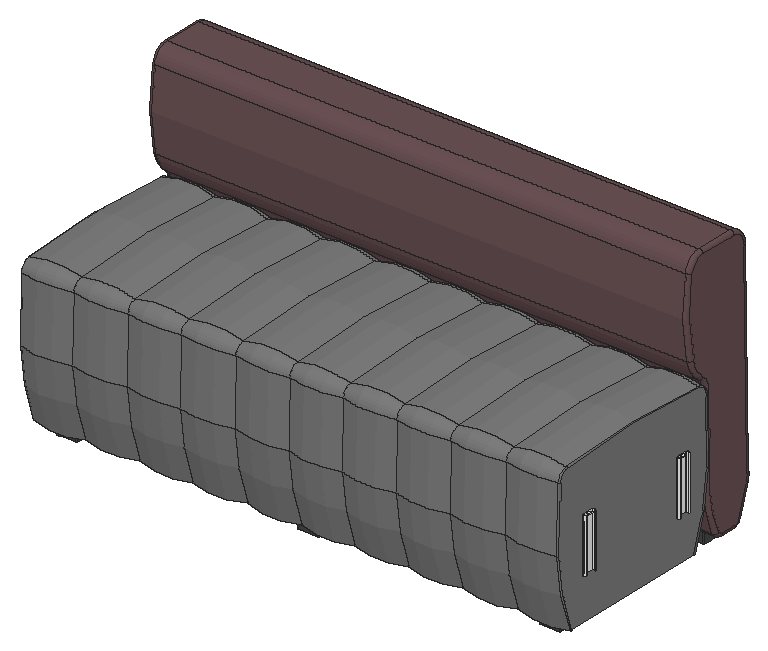
Revit family "Chair-Soft_Seating-Allermuir-Haven_Bench-HAB200BELH", category Furniture, Revit 2012
Parameters (values of type "HAB200BELH")
  ecoScorecard_data = "http://thesenatorgroup.ecoscorecard.com/product/HAB200BELH\r\nhttp://thesenatorgroup.ecoscorecard.com/product/HAB200BELH"
  ecoScorecard Product Page = "http://products.ecoscorecard.com/allermuir/HAB200BELH?action=html"
  Width = 0"
  Weight = 0.0 lbf
  Upholstered Seat = "No"
  Upholstered Back = "No"
  URL = "http://www.allermuir.net/Default.aspx"
  Subcategory = "Soft Seating"  # constant formula
  Stacks = no
  Specifications URL = ""
  Side Bracket = Metal - Allermuir - Chrome - Polished
  Seat or Top = Fabric - Allermuir - Silcoates
  Product Page URL = "http://www.allermuir.net/Products.aspx?RangeId=495"
  Product Line = "Haven Bench"  # constant formula
  Pricing URL = ""
  Plugin Data URL = "http://products.ecoscorecard.com/thesenatorgroup/HAB200BELH"
  Plastic Arms in Black = "No"
  Model = "HAB200BELH"  # constant formula
  Manufacturer Phone - Toll Free = "(888) 887 5806"  # constant formula
  Manufacturer Phone = "(419) 887 5806"  # constant formula
  Manufacturer Fax = "(419) 887 5805"  # constant formula
  Manufacturer Email = "mailto:contact@allermuir-na.com"
  Manufacturer Address = "1630 Holland Road, Maumee, Ohio 43537 "  # constant formula
  Manufacturer = "Allermuir"  # constant formula
  LEED Stats URL = ""
  Height = 0"
  Fabric Spec Sheets = "http://www.allermuir.net/Services/File.ashx?Type=B&Id=51"
  Description = ""
  Depth = 0"
  Color Availability = "See price list for material options"  # constant formula
  CAD Blocks URL = ""
  Brochure URL = ""
  Base = Plastic - Allermuir - Black
  Back = Fabric - Allermuir - Upholstery - Velvet - Red
  Assembly Code = "E2020200"
  95 CSI = "12510"  # constant formula
  04 CSI = "12 51 00"  # constant formula
Reference planes
  plane 1 "Center Front/Back": y = 0
  plane 2: z = 0
  plane 3 "Center Left/Right": x = 0
  plane 4: y = 359.331
  plane 5: y = -323.637
  plane 6: z = 780.256
  plane 7: x = -760.699
  plane 8: x = 757.524
Dimensions and locks
  plane 4 to plane 5 = 26.88848"
  plane 6 to level = 30 23/32"  (x2)
  locked: plane 7 to plane 8 at 1518.222
  aligned and locked: plane 3 "Center Left/Right" to nested 1
  aligned and locked: plane 5 to nested 1
  aligned and locked: nested 2 to plane 4
  aligned and locked: nested 2 to nested 1
Nested families
  nested 1: "HAB200BELH" at (0, -58.341, 0), type "HAB200BELH"
  nested 2: "HAB200BELH-Back-Rest" at (24.943, 10.081, 0), type "HAB200BELH"
Definition of nested family "HAB200BELH"
  Parameters (values of type "HAB200BELH")
    URL = "http://www.allermuir.net/Default.aspx"
    Stand = Plastic - Allermuir - Black
    Stacks = no
    Side Stand = Metal - Allermuir - Chrome - Polished
    Seat = Fabric - Allermuir - Silcoates
    Model = "HAB100"
    Manufacturer = "Allermuir"  # constant formula
    Description = ""
    Assembly Code = "E2020200"
  Reference planes
    plane 1 "Center Front/Back": y = 0
    plane 2: z = 0
    plane 3 "Center Left/Right": x = 0
    plane 4: y = 278.492
    plane 5: y = -265.296
    plane 6: z = 466.328
    plane 7: y = 174.511
    plane 8: y = -161.315
    plane 9: x = -747.478
    plane 10: x = -671.278
    plane 11: x = 747.478
    plane 12: x = 671.278
    plane 13: through (12192, -205.62, 35.583) normal (0, 0.927, 0.3751)
    plane 14: through (12192, -205.62, 35.583) normal (0, 0.3751, -0.927)
  Forms (mm)
    Sweep 1, solid, material "Fabric - Allermuir - Silcoates" <- "Seat"
      path origin (0, 0, -3.969) x (0, 1, 0) y (0, 0, 1)
        loop
          arc (230.616, 28.369) -> (262.693, 128.863) -> (276.965, 233.381) r 609.6
          arc (276.965, 233.381) -> (278.479, 325.472) -> (273.982, 417.465) r 1411.053
          arc (273.982, 417.465) -> (262.719, 442.368) -> (238.222, 454.489) r 40.603
          arc (238.222, 454.489) -> (7.264, 468.236) -> (-223.765, 455.728) r 2038.86
          arc (-223.765, 455.728) -> (-248.079, 443.981) -> (-259.64, 419.577) r 40.58
          arc (-259.64, 419.577) -> (-265.536, 328.435) -> (-264.387, 237.109) r 1183.48
          arc (-264.387, 237.109) -> (-249.724, 130.708) -> (-217.117, 28.369) r 627.008
      profile origin (0, 7.264, 464.267) x (0, -0.002682, -0.999996) y (1, 0, 0)
        loop
          arc (10.108, -745.462) -> (11.467, -747.415) -> (13.724, -748.165) r 3.77
          line (13.724, -748.165) -> (14.881, -748.165) -> (14.881, 751.457) -> (12.785, 751.457)
          arc (12.785, 751.457) -> (10.529, 750.699) -> (9.189, 748.733) r 3.735
          arc (9.189, 748.733) -> (-0.333, 674.997) -> (11.738, 601.636) r 255.942
          arc (11.738, 601.636) -> (-0.369, 525.083) -> (10.994, 448.417) r 255.942
          arc (10.994, 448.417) -> (-0.371, 373.433) -> (10.736, 298.411) r 255.942
          arc (10.736, 298.411) -> (-0.371, 223.387) -> (10.994, 148.403) r 255.942
          arc (10.994, 148.403) -> (-0.369, 74.256) -> (10.253, 0) r 255.942
          arc (10.253, 0) -> (-0.355, -75.93) -> (12.002, -151.596) r 255.942
          arc (12.002, -151.596) -> (-0.344, -226.43) -> (9.784, -301.596) r 255.942
          arc (9.784, -301.596) -> (-0.344, -376.765) -> (12.003, -451.601) r 255.942
          arc (12.003, -451.601) -> (-0.344, -526.433) -> (9.782, -601.598) r 255.942
          arc (9.782, -601.598) -> (-0.371, -673.554) -> (10.108, -745.462) r 255.942
    Extrusion 2, solid, material "Fabric - Allermuir - Silcoates" <- "Seat"
      sketch origin (0, 0, -3.969) x (0, 1, 0) y (0, 0, 1)
        loop
          line (-203.329, 33.969) -> (216.827, 33.969)
          arc (216.827, 33.969) -> (248.162, 132.073) -> (262.102, 234.112) r 594.719
          arc (262.102, 234.112) -> (263.6, 325.231) -> (259.15, 416.253) r 1396.171
          arc (259.15, 416.253) -> (252.015, 432.029) -> (236.497, 439.708) r 25.722
          arc (236.497, 439.708) -> (7.224, 453.355) -> (-222.118, 440.938) r 2023.978
          arc (-222.118, 440.938) -> (-237.517, 433.499) -> (-244.837, 418.044) r 25.699
          arc (-244.837, 418.044) -> (-250.66, 328.048) -> (-249.525, 237.871) r 1168.598
          arc (-249.525, 237.871) -> (-235.197, 133.933) -> (-203.329, 33.969) r 612.126
      from -748.165 to 751.457
    Extrusion 3, solid, material "Metal - Allermuir - Chrome - Polished" <- "Side Stand"
      sketch origin (6.052, 1.786, -3.969) x (1, 0, 0) y (0, 1, 0)
        loop
          arc (751.677, 189.731) -> (750.36, 189.981) -> (749.198, 189.313) r 1.93
          line (749.198, 189.313) -> (745.679, 185.09)
          arc (745.679, 185.09) -> (745.366, 184.543) -> (745.257, 183.923) r 1.823
          line (745.257, 183.923) -> (745.257, 157.23)
          arc (745.257, 157.23) -> (745.363, 156.622) -> (745.671, 156.086) r 1.786
          line (745.671, 156.086) -> (749.223, 151.823)
          arc (749.223, 151.823) -> (750.358, 151.171) -> (751.644, 151.415) r 1.885
          line (751.644, 151.415) -> (757.733, 155.082) -> (756.959, 156.367) -> (751.014, 152.787)
          arc (751.014, 152.787) -> (750.617, 152.712) -> (750.268, 152.913) r 0.581
          line (750.268, 152.913) -> (747.04, 156.786)
          arc (747.04, 156.786) -> (746.835, 157.143) -> (746.764, 157.548) r 1.191
          line (746.764, 157.548) -> (746.764, 183.605)
          arc (746.764, 183.605) -> (746.838, 184.023) -> (747.049, 184.391) r 1.228
          line (747.049, 184.391) -> (750.26, 188.244)
          arc (750.26, 188.244) -> (750.618, 188.45) -> (751.024, 188.373) r 0.595
          line (751.024, 188.373) -> (756.959, 184.799) -> (757.733, 186.084) -> (751.677, 189.731)
      from 156.239 to 306.239
    Extrusion 4, solid, material "Metal - Allermuir - Chrome - Polished" <- "Side Stand"
      sketch origin (6.052, 1.786, -3.969) x (1, 0, 0) y (0, 1, 0)
        loop
          line (746.764, 176.579) -> (746.764, 164.607) -> (755.757, 164.607) -> (755.757, 176.579) -> (746.764, 176.579)
      from 304.739 to 306.239
    Extrusion 5, solid, material "Metal - Allermuir - Chrome - Polished" <- "Side Stand"
      sketch origin (6.052, 16.867, -3.969) x (1, 0, 0) y (0, 1, 0)
        loop
          line (751.677, -189.731) -> (757.733, -186.084) -> (756.959, -184.799) -> (751.024, -188.373)
          arc (751.024, -188.373) -> (750.618, -188.45) -> (750.26, -188.244) r 0.595
          line (750.26, -188.244) -> (747.049, -184.391)
          arc (747.049, -184.391) -> (746.838, -184.023) -> (746.764, -183.605) r 1.228
          line (746.764, -183.605) -> (746.764, -157.548)
          arc (746.764, -157.548) -> (746.835, -157.143) -> (747.04, -156.786) r 1.191
          line (747.04, -156.786) -> (750.268, -152.913)
          arc (750.268, -152.913) -> (750.617, -152.712) -> (751.014, -152.787) r 0.581
          line (751.014, -152.787) -> (756.959, -156.367) -> (757.733, -155.082) -> (751.644, -151.415)
          arc (751.644, -151.415) -> (750.358, -151.171) -> (749.223, -151.823) r 1.885
          line (749.223, -151.823) -> (745.671, -156.086)
          arc (745.671, -156.086) -> (745.363, -156.622) -> (745.257, -157.23) r 1.786
          line (745.257, -157.23) -> (745.257, -183.923)
          arc (745.257, -183.923) -> (745.366, -184.543) -> (745.679, -185.09) r 1.823
          line (745.679, -185.09) -> (749.198, -189.313)
          arc (749.198, -189.313) -> (750.36, -189.981) -> (751.677, -189.731) r 1.93
      from 156.239 to 306.239
    Extrusion 6, solid, material "Metal - Allermuir - Chrome - Polished" <- "Side Stand"
      sketch origin (6.052, 16.867, -3.969) x (1, 0, 0) y (0, 1, 0)
        loop
          line (746.764, -176.579) -> (755.757, -176.579) -> (755.757, -164.607) -> (746.764, -164.607) -> (746.764, -176.579)
      from 304.739 to 306.239
  Cuts and joins
    joined: Sweep 1, Extrusion 2
  Lines and regions (mm)
    symbolic lines, style "Sofa"
      curve 1: line (-748.165, 218.763, 0) -> (-748.165, -252.194, 0)
      curve 2: line (-601.598, -256.126, 0) -> (-601.598, 193.083, 0)
      curve 3: line (-451.601, -253.933, 0) -> (-451.601, 193.083, 0)
      curve 4: line (-301.596, -256.153, 0) -> (-301.596, 193.083, 0)
      curve 5: line (-151.596, -253.935, 0) -> (-151.596, 193.083, 0)
      curve 6: line (0, -255.684, 0) -> (0, 193.083, 0)
      curve 7: line (148.403, -254.944, 0) -> (148.403, 193.083, 0)
      curve 8: line (298.411, -254.944, 0) -> (298.411, 193.083, 0)
      curve 9: line (448.417, -254.944, 0) -> (448.417, 193.083, 0)
      curve 10: line (751.455, 210.321, 0) -> (751.455, -253.229, 0)
      curve 11: line (601.636, -254.198, 0) -> (601.636, 193.083, 0)
      curve 12: arc (-745.436, -255.828, 0) -> (-673.538, -266.121, 0) -> (-601.598, -256.126, 0) r 260.028
      curve 13: arc (-748.165, -252.194, 0) -> (-747.407, -254.467, 0) -> (-745.436, -255.828, 0) r 3.783
      curve 14: arc (-601.598, -256.126, 0) -> (-526.434, -266.34, 0) -> (-451.601, -253.933, 0) r 254.336
      curve 15: arc (-451.601, -253.933, 0) -> (-376.767, -266.398, 0) -> (-301.596, -256.153, 0) r 253.396
      curve 16: arc (-301.596, -256.153, 0) -> (-226.432, -266.142, 0) -> (-151.596, -253.935, 0) r 258.987
      curve 17: arc (-151.596, -253.935, 0) -> (-75.931, -266.356, 0) -> (0, -255.684, 0) r 254.58
      curve 18: arc (148.403, -254.944, 0) -> (74.256, -266.336, 0) -> (0, -255.684, 0) r 255.285
      curve 19: arc (148.403, -254.944, 0) -> (223.407, -266.792, 0) -> (298.411, -254.944, 0) r 243.344
      curve 20: arc (298.411, -254.944, 0) -> (373.414, -266.006, 0) -> (448.417, -254.944, 0) r 259.819
      curve 21: arc (601.636, -254.198, 0) -> (525.084, -266.45, 0) -> (448.417, -254.944, 0) r 252.993
      curve 22: arc (601.636, -254.198, 0) -> (675.06, -266.344, 0) -> (748.851, -256.678, 0) r 253.884
      curve 23: arc (748.851, -256.678, 0) -> (750.731, -255.39, 0) -> (751.455, -253.229, 0) r 3.586
      curve 24: line (763.785, 187.87, 0) -> (757.729, 192.112, 0)
      curve 25: line (757.077, 190.754, 0) -> (763.011, 186.585, 0)
      curve 26: line (763.011, 186.585, 0) -> (763.785, 187.87, 0)
      curve 27: line (753.101, 186.772, 0) -> (756.312, 190.625, 0)
      curve 28: arc (757.729, 192.112, 0) -> (756.413, 192.362, 0) -> (755.251, 191.695, 0) r 1.93
      curve 29: arc (756.312, 190.625, 0) -> (756.671, 190.831, 0) -> (757.077, 190.754, 0) r 0.595
      curve 30: line (755.251, 191.695, 0) -> (751.732, 187.471, 0)
      curve 31: arc (752.817, 185.986, 0) -> (752.89, 186.404, 0) -> (753.101, 186.772, 0) r 1.228
      curve 32: arc (751.732, 187.471, 0) -> (751.577, 187.255, 0) -> (751.455, 187.018, 0) r 1.823
      curve 33: line (752.817, 159.334, 0) -> (752.817, 185.986, 0)
      curve 34: line (761.809, 178.365, 0) -> (752.817, 178.365, 0)
      curve 35: line (761.809, 166.393, 0) -> (761.809, 178.365, 0)
      curve 36: line (752.817, 166.393, 0) -> (761.809, 166.393, 0)
      curve 37: line (756.32, 154.699, 0) -> (753.093, 158.572, 0)
      curve 38: line (751.723, 157.872, 0) -> (755.275, 153.609, 0)
      curve 39: arc (751.455, 158.309, 0) -> (751.573, 158.081, 0) -> (751.723, 157.872, 0) r 1.786
      curve 40: arc (753.093, 158.572, 0) -> (752.888, 158.929, 0) -> (752.817, 159.334, 0) r 1.191
      curve 41: arc (757.066, 154.573, 0) -> (756.67, 154.498, 0) -> (756.32, 154.699, 0) r 0.581
      curve 42: arc (755.275, 153.609, 0) -> (756.41, 152.957, 0) -> (757.696, 153.201, 0) r 1.885
      curve 43: line (757.696, 153.201, 0) -> (763.785, 156.868, 0)
      curve 44: line (763.011, 158.153, 0) -> (757.066, 154.573, 0)
      curve 45: line (763.785, 156.868, 0) -> (763.011, 158.153, 0)
      curve 46: line (752.817, -159.712, 0) -> (761.809, -159.712, 0)
      curve 47: line (761.809, -147.74, 0) -> (752.817, -147.74, 0)
      curve 48: line (761.809, -159.712, 0) -> (761.809, -147.74, 0)
      curve 49: line (763.011, -139.5, 0) -> (763.785, -138.215, 0)
      curve 50: line (763.785, -138.215, 0) -> (757.696, -134.548, 0)
      curve 51: line (757.066, -135.92, 0) -> (763.011, -139.5, 0)
      curve 52: arc (757.696, -134.548, 0) -> (756.41, -134.304, 0) -> (755.275, -134.956, 0) r 1.885
      curve 53: arc (756.32, -136.046, 0) -> (756.67, -135.845, 0) -> (757.066, -135.92, 0) r 0.581
      curve 54: line (755.275, -134.956, 0) -> (751.723, -139.219, 0)
      curve 55: line (753.093, -139.919, 0) -> (756.32, -136.046, 0)
      curve 56: arc (752.817, -140.681, 0) -> (752.888, -140.276, 0) -> (753.093, -139.919, 0) r 1.191
      curve 57: line (752.817, -166.737, 0) -> (752.817, -140.681, 0)
      curve 58: arc (751.723, -139.219, 0) -> (751.573, -139.428, 0) -> (751.455, -139.656, 0) r 1.786
      curve 59: line (751.732, -168.223, 0) -> (755.251, -172.446, 0)
      curve 60: line (756.312, -171.377, 0) -> (753.101, -167.524, 0)
      curve 61: arc (753.101, -167.524, 0) -> (752.89, -167.155, 0) -> (752.817, -166.737, 0) r 1.228
      curve 62: arc (757.077, -171.506, 0) -> (756.671, -171.583, 0) -> (756.312, -171.377, 0) r 0.595
      curve 63: line (763.011, -167.932, 0) -> (757.077, -171.506, 0)
      curve 64: arc (755.251, -172.446, 0) -> (756.413, -173.114, 0) -> (757.729, -172.864, 0) r 1.93
      curve 65: line (757.729, -172.864, 0) -> (763.785, -169.217, 0)
      curve 66: line (763.785, -169.217, 0) -> (763.011, -167.932, 0)
      curve 67: arc (751.455, -167.77, 0) -> (751.577, -168.006, 0) -> (751.732, -168.223, 0) r 1.823
  Dimensions and locks
    plane 4 to plane 5 = 21.40899"
    plane 6 to level = 18 23/64"
    locked: plane 4 to plane 7 at 103.981
    locked: plane 5 to plane 8 at 103.981
    locked: plane 9 to plane 10 at 76.2
    locked: plane 11 to plane 12 at 76.2
    locked: plane 10 to plane 12 at 1342.555
    equal spacing: plane 10, plane 3 "Center Left/Right", plane 12
    aligned and locked: Sweep 1 to Extrusion 2
  Automatic sketch dimensions
    level to Extrusion 2 sketch curve = 1.1811"
    plane 7 to Extrusion 2 sketch curve = 1.66598"
    Extrusion 3 sketch curve to plane 11 = 0.15084"
    Extrusion 3 sketch curve to Extrusion 3 sketch curve = 0.0163"
    Extrusion 3 sketch curve to Extrusion 3 sketch curve = 0.01664"
    Extrusion 3 sketch curve to plane 11 = 0.21019"
    Extrusion 3 sketch curve to plane 11 = 0.22106"
    Extrusion 3 sketch curve to Extrusion 3 sketch curve = 0.01096"
    Extrusion 3 sketch curve to plane 11 = 0.2214"
    Extrusion 3 sketch curve to Extrusion 3 sketch curve = 0.01243"
    Extrusion 3 sketch curve to plane 11 = 0.25707"
    Extrusion 3 sketch curve to plane 11 = 0.25854"
    Extrusion 3 sketch curve to plane 11 = 0.30602"
    Extrusion 3 sketch curve to plane 11 = 0.30699"
    Extrusion 3 sketch curve to Extrusion 3 sketch curve = 0.0418"
    Extrusion 3 sketch curve to Extrusion 3 sketch curve = 0.04113"
    Extrusion 3 sketch curve to Extrusion 3 sketch curve = 0.01589"
    Extrusion 3 sketch curve to Extrusion 3 sketch curve = 0.01658"
    Extrusion 3 sketch curve to Extrusion 3 sketch curve = 0.00168"
    Extrusion 3 sketch curve to Extrusion 3 sketch curve = 0.00142"
    Extrusion 3 sketch curve to Extrusion 3 sketch curve = 0.01349"
    Extrusion 3 sketch curve to Extrusion 3 sketch curve = 0.01352"
    Extrusion 3 sketch curve to Extrusion 3 sketch curve = 0.0248"
    Extrusion 3 sketch curve to Extrusion 3 sketch curve = 0.02569"
    Extrusion 3 sketch curve to plane 7 = 0.83897"
    Extrusion 3 sketch curve to Extrusion 3 sketch curve = 0.01607"
    Extrusion 3 sketch curve to Extrusion 3 sketch curve = 0.00956"
    Extrusion 3 sketch curve to Extrusion 3 sketch curve = 0.00461"
    Extrusion 3 sketch curve to Extrusion 3 sketch curve = 0.09035"
    Extrusion 3 sketch curve to Extrusion 3 sketch curve = 0.16784"
    Extrusion 3 sketch curve to Extrusion 3 sketch curve = 0.05058"  (x2)
    Extrusion 3 sketch curve to Extrusion 3 sketch curve = 0.01747"
    plane 7 to Extrusion 3 sketch curve = 0.42833"
    Extrusion 3 sketch curve to Extrusion 3 sketch curve = 0.01252"
    Extrusion 3 sketch curve to Extrusion 3 sketch curve = 0.04703"
    Extrusion 3 sketch curve to Extrusion 3 sketch curve = 35/256"
    Extrusion 3 sketch curve to Extrusion 3 sketch curve = 0.00845"
    Extrusion 3 sketch curve to Extrusion 3 sketch curve = 0.00655"
    Extrusion 3 sketch curve to Extrusion 3 sketch curve = 0.04209"
    Extrusion 4 sketch curve to plane 11 = 0.21019"
    Extrusion 4 sketch curve to plane 7 = 0.3196"
    plane 7 to Extrusion 4 sketch curve = 0.15173"
    plane 11 to Extrusion 5 sketch curve = 0.15084"
    Extrusion 5 sketch curve to Extrusion 5 sketch curve = 0.0163"
    Extrusion 5 sketch curve to Extrusion 5 sketch curve = 0.01664"
    plane 11 to Extrusion 5 sketch curve = 0.21019"
    plane 11 to Extrusion 5 sketch curve = 0.22106"
    Extrusion 5 sketch curve to Extrusion 5 sketch curve = 0.01096"
    plane 11 to Extrusion 5 sketch curve = 0.2214"
    Extrusion 5 sketch curve to Extrusion 5 sketch curve = 0.01243"
    plane 11 to Extrusion 5 sketch curve = 0.25707"
    plane 11 to Extrusion 5 sketch curve = 0.25854"
    plane 11 to Extrusion 5 sketch curve = 0.30602"
    plane 11 to Extrusion 5 sketch curve = 0.30699"
    Extrusion 5 sketch curve to Extrusion 5 sketch curve = 0.0418"
    Extrusion 5 sketch curve to Extrusion 5 sketch curve = 0.04113"
    Extrusion 5 sketch curve to Extrusion 5 sketch curve = 0.01589"
    Extrusion 5 sketch curve to Extrusion 5 sketch curve = 0.01658"
    Extrusion 5 sketch curve to Extrusion 5 sketch curve = 0.00168"
    Extrusion 5 sketch curve to Extrusion 5 sketch curve = 0.00142"
    Extrusion 5 sketch curve to Extrusion 5 sketch curve = 0.01349"
    Extrusion 5 sketch curve to Extrusion 5 sketch curve = 0.01352"
    Extrusion 5 sketch curve to Extrusion 5 sketch curve = 0.0248"
    Extrusion 5 sketch curve to Extrusion 5 sketch curve = 0.02569"
    plane 8 to Extrusion 5 sketch curve = 1.05381"
    Extrusion 5 sketch curve to Extrusion 5 sketch curve = 0.01607"
    Extrusion 5 sketch curve to Extrusion 5 sketch curve = 0.00956"
    Extrusion 5 sketch curve to Extrusion 5 sketch curve = 0.00461"
    Extrusion 5 sketch curve to Extrusion 5 sketch curve = 0.09035"
    Extrusion 5 sketch curve to Extrusion 5 sketch curve = 0.16784"
    Extrusion 5 sketch curve to Extrusion 5 sketch curve = 0.05058"  (x2)
    Extrusion 5 sketch curve to Extrusion 5 sketch curve = 0.01747"
    Extrusion 5 sketch curve to plane 8 = 0.21348"
    Extrusion 5 sketch curve to Extrusion 5 sketch curve = 0.01252"
    Extrusion 5 sketch curve to plane 8 = 0.26052"
    Extrusion 5 sketch curve to Extrusion 5 sketch curve = 35/256"
    Extrusion 5 sketch curve to Extrusion 5 sketch curve = 0.00845"
    Extrusion 5 sketch curve to Extrusion 5 sketch curve = 0.00655"
    Extrusion 5 sketch curve to Extrusion 5 sketch curve = 0.04209"
    plane 8 to Extrusion 6 sketch curve = 0.06311"
    plane 11 to Extrusion 6 sketch curve = 0.21019"
    plane 8 to Extrusion 6 sketch curve = 0.53444"
    Extrusion 3 sketch curve to Extrusion 3 sketch curve = 0.23405"
    Extrusion 3 sketch curve to Extrusion 3 sketch curve = 0.23364"
    Extrusion 3 sketch curve to Extrusion 3 sketch curve = 0.03048"  (x2)
    Extrusion 4 sketch curve to plane 11 = 0.56422"
    Extrusion 5 sketch curve to Extrusion 5 sketch curve = 0.23405"
    Extrusion 5 sketch curve to Extrusion 5 sketch curve = 0.23364"
    Extrusion 5 sketch curve to Extrusion 5 sketch curve = 0.03048"  (x2)
    plane 11 to Extrusion 6 sketch curve = 0.56422"
    Sweep 1 sketch curve to profile plane = 0"
    Sweep 1 sketch curve to Sweep 1 sketch curve = 0"  (x14)
    Sweep 1 sketch curve to profile plane = 0.38511"
    Sweep 1 sketch curve to profile plane = 0.3852"
    Sweep 1 sketch curve to profile plane = 0.39796"
    Sweep 1 sketch curve to profile plane = 0.40366"
    Sweep 1 sketch curve to profile plane = 0.42268"
    Sweep 1 sketch curve to profile plane = 0.46213"
    Sweep 1 sketch curve to profile plane = 0.43283"
    Sweep 1 sketch curve to profile plane = 0.43285"
    Sweep 1 sketch curve to profile plane = 0.47252"
    Sweep 1 sketch curve to profile plane = 0.47257"
    Sweep 1 sketch curve to Sweep 1 sketch curve = 0.14157"
    Sweep 1 sketch curve to Sweep 1 sketch curve = 0.14236"
    Sweep 1 sketch curve to Sweep 1 sketch curve = 0.04556"
    Sweep 1 sketch curve to profile plane = 10.06183"  (x3)
    Sweep 1 sketch curve to profile plane = 2.87313"
    profile plane to Sweep 1 sketch curve = 2.87313"
    Sweep 1 sketch curve to Sweep 1 sketch curve = 6.19041"
    Sweep 1 sketch curve to Sweep 1 sketch curve = 5.62067"
    Sweep 1 sketch curve to Sweep 1 sketch curve = 6.19073"
    Sweep 1 sketch curve to Sweep 1 sketch curve = 5.62008"
    Sweep 1 sketch curve to Sweep 1 sketch curve = 5.939"
    Sweep 1 sketch curve to Sweep 1 sketch curve = 5.87264"
    Sweep 1 sketch curve to Sweep 1 sketch curve = 5.93885"
    Sweep 1 sketch curve to Sweep 1 sketch curve = 6.12565"
    Sweep 1 sketch curve to Sweep 1 sketch curve = 0.2241"
    Extrusion 2 sketch curve to Extrusion 2 sketch curve = 0"  (x6)
    Extrusion 2 sketch curve to plane 5 = 2.43965"
    plane 4 to Extrusion 2 sketch curve = 3.27982"
    plane 5 to Extrusion 2 sketch curve = 2.62223"
    Extrusion 2 sketch curve to plane 6 = 6.60184"
    Extrusion 2 sketch curve to plane 4 = 0.6453"
    Extrusion 2 sketch curve to plane 4 = 1.7708"
    Extrusion 2 sketch curve to plane 4 = 0.7615"
    Extrusion 2 sketch curve to plane 1 "Center Front/Back" = 0.07067"
    Extrusion 2 sketch curve to Extrusion 2 sketch curve = 0.11743"
    Extrusion 2 sketch curve to plane 5 = 0.80546"
    Extrusion 2 sketch curve to plane 5 = 0.62092"
    Extrusion 2 sketch curve to Extrusion 2 sketch curve = 0.89446"
    Extrusion 2 sketch curve to Extrusion 2 sketch curve = 1.00639"
    Extrusion 2 sketch curve to Extrusion 2 sketch curve = 21.87967"
    plane 14 to Sweep 1 sketch curve = 0"
    Sweep 1 sketch curve to plane 6 = 6.60184"
    plane 5 to Sweep 1 sketch curve = 34.13749"
    plane 5 to Sweep 1 sketch curve = 2.62223"
    Sweep 1 sketch curve to plane 5 = 0.03581"
    Sweep 1 sketch curve to plane 5 = 0.2227"
    Sweep 1 sketch curve to plane 6 = 0.57357"
    Sweep 1 sketch curve to plane 5 = 1.6351"
    Sweep 1 sketch curve to Sweep 1 sketch curve = 1.58916"
    Sweep 1 sketch curve to Sweep 1 sketch curve = 1.86099"
    Sweep 1 sketch curve to plane 1 "Center Front/Back" = 0.07067"
    level to Sweep 1 sketch curve = 0.96066"
    Sweep 1 sketch curve to plane 4 = 1.88491"
    Sweep 1 sketch curve to plane 4 = 1.7708"
    Sweep 1 sketch curve to Sweep 1 sketch curve = 0.18537"
    Sweep 1 sketch curve to Sweep 1 sketch curve = 1.59324"
    Sweep 1 sketch curve to plane 4 = 0.06013"
    plane 4 to Sweep 1 sketch curve = 3.27982"
    curve 17 to plane 3 "Center Left/Right" = 0"
    plane 1 "Center Front/Back" to curve 17 = 0.46426"
    curve 17 to plane 3 "Center Left/Right" = 2.87378"
    curve 16 to plane 5 = 0.44731"
    curve 16 to plane 3 "Center Left/Right" = 5.96833"
    plane 1 "Center Front/Back" to curve 16 = 0.28282"
    curve 16 to curve 17 = 6.19161"
    curve 4 to curve 5 = 5.90554"
    plane 1 "Center Front/Back" to curve 15 = 0.51298"
    curve 15 to curve 16 = 5.62037"
    curve 14 to plane 5 = 0.44736"
    plane 1 "Center Front/Back" to curve 14 = 0.4737"
    plane 10 to curve 14 = 5.55612"
    curve 12 to plane 10 = 0.06774"
    plane 9 to curve 13 = 0.12189"
    plane 9 to curve 13 = 0.0804"
    curve 12 to curve 13 = 0"
    curve 13 to curve 13 = 0.14895"
    plane 1 "Center Front/Back" to curve 18 = 0.43519"
    plane 3 "Center Left/Right" to curve 18 = 2.87341"
    curve 19 to plane 5 = 0.40755"
    plane 1 "Center Front/Back" to curve 19 = 0.92314"
    curve 18 to curve 19 = 5.92213"
    curve 20 to plane 5 = 0.40755"
    plane 1 "Center Front/Back" to curve 20 = 0.24355"
    curve 19 to curve 20 = 5.90578"
    curve 21 to plane 5 = 0.40755"
    plane 1 "Center Front/Back" to curve 21 = 0.5299"
    plane 12 to curve 21 = 5.80415"
    curve 11 to plane 5 = 0.43692"
    curve 22 to plane 12 = 0.3172"
    curve 23 to plane 11 = 0.01541"
    curve 23 to plane 11 = 0.05406"
    curve 22 to curve 23 = 0"
    curve 23 to curve 23 = 0.14117"
    curve 58 to curve 58 = 0.01055"
    curve 39 to curve 39 = 0.01055"
    curve 67 to curve 67 = 0.01089"
    curve 32 to curve 32 = 0.01089"
    curve 67 to curve 61 = 0.05361"
    curve 32 to curve 31 = 0.05361"
    curve 40 to curve 37 = 0.01086"
    curve 56 to curve 55 = 0.01086"
    curve 56 to curve 58 = 0.01096"
    curve 40 to curve 39 = 0.01096"
    curve 57 to curve 60 = 0.01121"
    curve 31 to curve 27 = 0.01121"
    curve 57 to curve 67 = 0.01243"
    curve 31 to curve 32 = 0.01243"
    curve 58 to curve 56 = 0.03592"
    curve 39 to curve 40 = 0.03592"
    curve 67 to curve 61 = 0.03592"
    curve 32 to curve 31 = 0.03592"
    curve 27 to curve 30 = 0.08463"
    curve 60 to curve 59 = 0.08463"
    curve 55 to curve 52 = 11/128"
    curve 37 to curve 38 = 11/128"
    curve 28 to curve 29 = 0.0418"
    curve 59 to curve 60 = 0.0418"
    curve 52 to curve 55 = 0.04113"
    curve 42 to curve 41 = 0.04113"
    curve 53 to curve 52 = 0.01589"
    curve 37 to curve 42 = 0.01589"
    curve 27 to curve 28 = 0.01658"
    curve 62 to curve 64 = 0.01658"
    curve 42 to curve 41 = 0.00168"
    curve 52 to curve 53 = 0.00168"
    curve 64 to curve 62 = 0.00142"
    curve 28 to curve 29 = 0.00142"
    curve 52 to curve 51 = 0.01349"
    curve 42 to curve 44 = 0.01349"
    curve 64 to curve 63 = 0.01352"
    curve 28 to curve 25 = 0.01352"
    curve 51 to curve 50 = 0.0248"
    curve 44 to curve 43 = 0.0248"
    curve 25 to curve 24 = 0.02569"
    curve 63 to curve 64 = 0.02569"
    plane 7 to curve 35 = 0.15173"
    curve 34 to curve 35 = 0.35403"
    curve 47 to curve 48 = 0.35403"
    curve 51 to curve 51 = 0.23405"
    curve 29 to curve 26 = 0.24573"
    plane 8 to curve 63 = 0.26052"
    curve 62 to curve 63 = 0.23364"
    curve 44 to curve 45 = 0.23405"
    plane 8 to curve 66 = 0.3111"
    curve 63 to curve 66 = 0.03048"
    curve 49 to curve 49 = 0.03048"
    curve 25 to curve 26 = 0.03048"
    curve 44 to curve 43 = 0.03048"
    curve 65 to curve 65 = 0.14359"
    curve 65 to curve 59 = 0.01645"
    curve 62 to curve 64 = 0.01163"
    curve 62 to curve 64 = 0.00655"
    curve 59 to curve 67 = 0.16628"
    curve 59 to curve 67 = 0.01782"
    curve 60 to curve 67 = 0.01843"
    curve 46 to plane 8 = 0.06311"
    curve 46 to curve 47 = 0.47133"
    curve 47 to curve 56 = 0.27792"
    curve 56 to curve 58 = 0.01254"
    curve 55 to curve 58 = 0.01036"
    curve 47 to curve 49 = 0.32442"
    curve 49 to curve 50 = 0.05058"
    curve 55 to curve 53 = 0.13783"
    curve 53 to curve 52 = 0.01004"
    curve 52 to curve 53 = 0.00461"
    curve 53 to curve 52 = 0.0429"
    curve 43 to plane 7 = 0.83897"
    curve 42 to curve 38 = 0.01607"
    curve 44 to curve 42 = 0.00956"
    curve 41 to curve 42 = 0.00461"
    curve 44 to curve 45 = 0.09035"
    curve 42 to curve 38 = 0.16784"
    curve 43 to curve 45 = 0.05058"
    curve 38 to curve 39 = 0.01718"
    curve 40 to curve 39 = 0.01747"
    curve 35 to plane 7 = 0.3196"
    curve 33 to curve 28 = 0.17611"
    curve 31 to curve 32 = 0.01252"
    curve 27 to curve 32 = 0.0097"
    curve 29 to curve 28 = 0.00845"
    curve 2 to plane 5 = 0.36102"
    curve 34 to curve 33 = 0.30003"
    curve 25 to curve 29 = 0.14406"
    curve 25 to curve 24 = 0.05058"
    curve 28 to curve 29 = 0.00655"
    curve 29 to curve 28 = 0.04209"
    plane 7 to curve 11 = 0.73119"
    plane 7 to curve 2 = 0.73119"
    plane 7 to curve 9 = 0.73119"
    plane 7 to curve 8 = 0.73119"
    plane 7 to curve 7 = 0.73119"
    plane 7 to curve 6 = 0.73119"
    plane 7 to curve 5 = 0.73119"
    plane 7 to curve 4 = 0.73119"
    plane 7 to curve 3 = 0.73119"
    curve 28 to curve 10 = 0.73333"
    plane 7 to curve 1 = 1 95/128"
  Nested families
    nested 1: "Leg" at (-671.389, 176.892, 0), type "PSM102"
    nested 2: "Leg" at (1.587, 176.099, 0), type "PSM102"
    nested 3: "Leg" at (-670.924, -157.346, 0), type "PSM102"
    nested 4: "Leg" at (674.744, 176.099, 0), type "PSM102"
    nested 5: "Leg" at (2.381, -157.346, 0), type "PSM102"
    nested 6: "Leg" at (674.303, -156.552, 0), type "PSM102"
  Definition of nested family "Leg"
    Parameters (values of type "PSM102")
      URL = ""
      Stand = Plastic - Allermuir - Black
      Stacks = no
      Model = ""
      Manufacturer = ""
      Description = ""
      Assembly Code = "E2020200"
    Reference planes
      plane 1 "Center Front/Back": y = 0
      plane 2: z = 0
      plane 3 "Center Left/Right": x = 0
      plane 4: z = 30
      plane 5: through (42.717, 1524.892, 1219.2) normal (1, -0.0075, 0)
      plane 6: through (-1525.181, 42.166, 1219.2) normal (0.0075, 1, 0)
      plane 7: through (-19.17, 1524.892, 1219.2) normal (1, -0.0075, 0)
      plane 8: through (-1525.181, -19.721, 1219.2) normal (0.0075, 1, 0)
    Forms (mm)
      Blend 1, solid, material "Plastic - Allermuir - Black" <- "Stand"
        base sketch origin (0, 0, 0) x (1, 0, 0) y (0, 1, 0)
          loop
            arc (-26.682, 29.891) -> (-28.652, 29.092) -> (-29.481, 27.133) r 2.778
            line (-29.481, 27.133) -> (-29.891, -27.235)
            arc (-29.891, -27.235) -> (-29.092, -29.205) -> (-27.133, -30.034) r 2.778
            line (-27.133, -30.034) -> (27.235, -30.444)
            arc (27.235, -30.444) -> (29.205, -29.645) -> (30.034, -27.687) r 2.778
            line (30.034, -27.687) -> (30.444, 26.682)
            arc (30.444, 26.682) -> (29.645, 28.652) -> (27.687, 29.481) r 2.778
            line (27.687, 29.481) -> (-26.682, 29.891)
        top sketch origin (0, 0, 0) x (1, 0, 0) y (0, 1, 0)
          loop
            arc (31.431, 27.654) -> (30.632, 29.625) -> (28.674, 30.453) r 2.778
            line (28.674, 30.453) -> (-27.654, 30.878)
            arc (-27.654, 30.878) -> (-29.625, 30.079) -> (-30.453, 28.121) r 2.778
            line (-30.453, 28.121) -> (-30.878, -28.207)
            arc (-30.878, -28.207) -> (-30.079, -30.178) -> (-28.121, -31.006) r 2.778
            line (-28.121, -31.006) -> (28.207, -31.431)
            arc (28.207, -31.431) -> (30.178, -30.632) -> (31.006, -28.674) r 2.778
            line (31.006, -28.674) -> (31.431, 27.654)
        from 0 to 30
    Dimensions and locks
      locked: plane 7 to plane 5 at 61.886
      locked: plane 6 to plane 8 at 61.886
      locked: plane 4 to level at 30
Definition of nested family "HAB200BELH-Back-Rest"
  Parameters (values of type "HAB200BELH")
    URL = "http://www.allermuir.net/Default.aspx"
    Model = "PSM102"
    Manufacturer = "Allermuir"  # constant formula
    Description = ""
    Color Availability = "See price list for material options"  # constant formula
    Back Rest = Fabric - Allermuir - Upholstery - Velvet - Red
    Assembly Code = "E2020200"
  Reference planes
    plane 1 "Center Front/Back": y = 0
    plane 2: z = 0
    plane 3 "Center Left/Right": x = 0
    plane 4: z = 780.276
    plane 5: x = 726.514
    plane 6: x = -683.734
    plane 7: y = 349.25
    plane 8: y = -336.55
  Forms (mm)
    Sweep 1, solid, material "Fabric - Allermuir - Upholstery - Velvet - Red" <- "Back Rest"
      path origin (0, 0, 0) x (0, 1, 0) y (0, 0, 1)
        loop
          arc (287.786, 777.021) -> (233.759, 779.501) -> (179.717, 777.382) r 635.833
          arc (179.717, 777.382) -> (149.801, 764.438) -> (133.91, 735.977) r 50.8
          arc (133.91, 735.977) -> (124.881, 624.919) -> (138.426, 514.322) r 549.847
          arc (138.426, 514.322) -> (151.944, 480.888) -> (175.34, 453.444) r 112.578
          arc (175.34, 453.444) -> (187.228, 438.729) -> (192.908, 420.684) r 50.8
          arc (192.908, 420.684) -> (199.489, 321.271) -> (195.803, 221.708) r 966.766
          arc (195.803, 221.708) -> (199.73, 131.593) -> (227.054, 45.631) r 342.39
          arc (227.054, 45.631) -> (235.405, 35.683) -> (247.583, 31.165) r 25.4
          arc (247.583, 31.165) -> (270.869, 30.009) -> (294.161, 31.049) r 247.493
          arc (294.161, 31.049) -> (306.956, 35.934) -> (315.355, 46.754) r 25.4
          arc (315.355, 46.754) -> (330.686, 88.951) -> (342.72, 132.205) r 582.2
          arc (342.72, 132.205) -> (344.554, 142.103) -> (345.4, 152.134) r 101.6
          arc (345.4, 152.134) -> (347.534, 441.313) -> (333.961, 730.181) r 5322.758
          arc (333.961, 730.181) -> (319.477, 762.083) -> (287.786, 777.021) r 50.8
      profile origin (0, 233.759, 779.501) x (0, -0.003339, -0.999994) y (1, 0, 0)
        loop
          arc (-0.428, -762.644) -> (2.637, -770.044) -> (10.037, -773.109) r 10.465
          line (10.037, -773.109) -> (12.7, -773.109) -> (12.7, 726.535) -> (9.99, 726.535)
          arc (9.99, 726.535) -> (2.623, 723.484) -> (-0.428, 716.117) r 10.418
          line (-0.428, 716.117) -> (-0.428, -762.644)
    Extrusion 2, solid, material "Fabric - Allermuir - Upholstery - Velvet - Red" <- "Back Rest"
      sketch origin (726.535, 231.636, 143.672) x (0, 0.088309, 0.996093) y (0, -0.996093, 0.088309)
        loop
          arc (580.167, 137.007) -> (471.319, 136.212) -> (364.867, 113.49) r 537.147
          arc (364.867, 113.49) -> (336.38, 98.924) -> (313.96, 76.099) r 99.878
          arc (313.96, 76.099) -> (296.95, 59.672) -> (275.109, 50.608) r 63.5
          arc (275.109, 50.608) -> (175.372, 35.073) -> (74.565, 29.885) r 979.466
          arc (74.565, 29.885) -> (-11.534, 18.455) -> (-91.661, -15.062) r 329.69
          arc (-91.661, -15.062) -> (-96.247, -19.661) -> (-97.959, -25.925) r 12.7
          arc (-97.959, -25.925) -> (-97.101, -48.027) -> (-94.167, -69.95) r 234.793
          arc (-94.167, -69.95) -> (-91.169, -76.107) -> (-85.409, -79.812) r 12.7
          arc (-85.409, -79.812) -> (-42.969, -91.105) -> (0.214, -99.094) r 569.5
          arc (0.214, -99.094) -> (8.983, -99.928) -> (17.792, -99.89) r 88.9
          arc (17.792, -99.89) -> (305.342, -76.535) -> (591.199, -37.598) r 5310.058
          arc (591.199, -37.598) -> (614.072, -24.665) -> (623.133, 0) r 38.1
          arc (623.133, 0) -> (620.879, 52.956) -> (614.133, 105.528) r 623.133
          arc (614.133, 105.528) -> (602.481, 127.02) -> (580.167, 137.007) r 38.1
      from -1499.644 to 0
  Cuts and joins
    joined: Sweep 1, Extrusion 2
  Lines and regions (mm)
    symbolic lines, style "Sofa"
      curve 1: line (716.114, 349.003, 0) -> (-762.649, 349.003, 0)
      curve 2: line (726.534, 338.584, 0) -> (726.534, 134.771, 0)
      curve 3: line (-773.109, 134.754, 0) -> (-773.109, 338.544, 0)
      curve 4: line (-762.723, 124.369, 0) -> (716.131, 124.369, 0)
      curve 5: arc (716.114, 349.003, 0) -> (723.482, 345.952, 0) -> (726.534, 338.584, 0) r 10.42
      curve 6: arc (716.131, 124.369, 0) -> (723.487, 127.415, 0) -> (726.534, 134.771, 0) r 10.403
      curve 7: arc (-773.109, 134.754, 0) -> (-770.067, 127.41, 0) -> (-762.723, 124.369, 0) r 10.385
      curve 8: arc (-773.109, 338.544, 0) -> (-770.045, 345.94, 0) -> (-762.649, 349.003, 0) r 10.459
  Dimensions and locks
    plane 4 to level = 30.71955"
    aligned and locked: Extrusion 2 to Sweep 1
  Nested families
    nested 1: "Leg" at (-695.812, 272.29, 0), type "PSM102"
    nested 2: "Leg" at (-22.879, 272.29, 0), type "PSM102"
    nested 3: "Leg" at (650.375, 272.29, 0), type "PSM102"
  Definition of nested family "Leg"
    Parameters (values of type "HAB200BM")
      URL = ""
      Stand = Plastic - Allermuir - Black
      Stacks = no
      Model = ""
      Manufacturer = ""
      Description = ""
      Assembly Code = "E2020200"
    Reference planes
      plane 1 "Center Front/Back": y = 0
      plane 2: z = 0
      plane 3 "Center Left/Right": x = 0
      plane 4: z = 30
      plane 5: through (42.717, 1524.892, 1219.2) normal (1, -0.0075, 0)
      plane 6: through (-1525.181, 42.166, 1219.2) normal (0.0075, 1, 0)
      plane 7: through (-19.17, 1524.892, 1219.2) normal (1, -0.0075, 0)
      plane 8: through (-1525.181, -19.721, 1219.2) normal (0.0075, 1, 0)
    Forms (mm)
      Blend 1, solid, material "Plastic - Allermuir - Black" <- "Stand"
        base sketch origin (0, 0, 0) x (1, 0, 0) y (0, 1, 0)
          loop
            arc (-26.682, 29.891) -> (-28.652, 29.092) -> (-29.481, 27.133) r 2.778
            line (-29.481, 27.133) -> (-29.891, -27.235)
            arc (-29.891, -27.235) -> (-29.092, -29.205) -> (-27.133, -30.034) r 2.778
            line (-27.133, -30.034) -> (27.235, -30.444)
            arc (27.235, -30.444) -> (29.205, -29.645) -> (30.034, -27.687) r 2.778
            line (30.034, -27.687) -> (30.444, 26.682)
            arc (30.444, 26.682) -> (29.645, 28.652) -> (27.687, 29.481) r 2.778
            line (27.687, 29.481) -> (-26.682, 29.891)
        top sketch origin (0, 0, 0) x (1, 0, 0) y (0, 1, 0)
          loop
            arc (31.431, 27.654) -> (30.632, 29.625) -> (28.674, 30.453) r 2.778
            line (28.674, 30.453) -> (-27.654, 30.878)
            arc (-27.654, 30.878) -> (-29.625, 30.079) -> (-30.453, 28.121) r 2.778
            line (-30.453, 28.121) -> (-30.878, -28.207)
            arc (-30.878, -28.207) -> (-30.079, -30.178) -> (-28.121, -31.006) r 2.778
            line (-28.121, -31.006) -> (28.207, -31.431)
            arc (28.207, -31.431) -> (30.178, -30.632) -> (31.006, -28.674) r 2.778
            line (31.006, -28.674) -> (31.431, 27.654)
        from 0 to 30
    Dimensions and locks
      locked: plane 7 to plane 5 at 61.886
      locked: plane 6 to plane 8 at 61.886
      locked: plane 4 to level at 30
